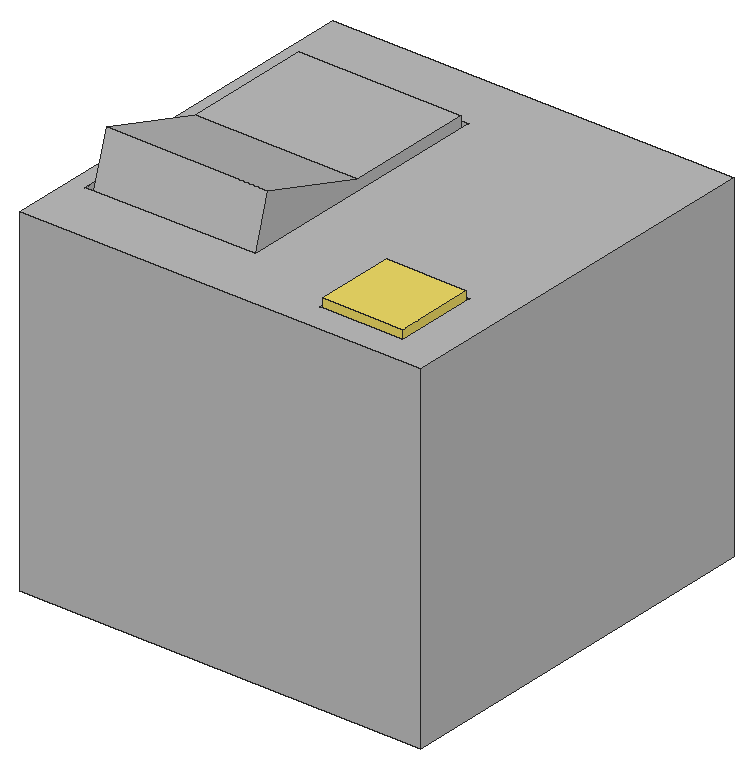
Revit family "Domotics-DomesticRanges-GEWISS-CHORUS_PROTECTION-ONE-WAY_SWITCH_RCBO", category Apparecchi elettrici, host Superficie, Revit 2016
Family settings
  Host = Superficie
  Mantenere orientamento annotazione = Sì
  Tipo di parte = Normale
  Quota connettore circolare = Usa diametro
  Taglio con vuoti quando caricato = Sì
  Condiviso = Sì
  Punto di calcolo locali = Sì
Parameters (values of type "GW14489 - RCBO 1P+N C16 30ma 230V ac 3kA Titanium")
  Voltage: = "230V ac"
  Voltage = "230V ac"
  Volt = 230 V
  Vista in pianta [instance] = yes
  Version file RFA = "19.0"
  URL = "https://www.gewiss.com/ww/en"
  Type: = "A"
  Type = "Miniature circuit breaker + residual current device"
  Tipo_ = CHORUS INT MAGNETOT.DIFFERENZIALE_GENERALE : TITANIO
  Technical sheet = "https://www.gewiss.com/ww/en/search?q=GW14489"
  Simbolo [instance] = yes
  SEO = "RCCB"
  Realized by GEWISS S.p.A. = ""
  Rated residual operating current = "30MA"
  Rated current (In) = "16"
  Rated current (A) = "16"
  Default Elevation = 1219.2 mm
  Produttore = "GEWISS S.p.A."
  Offset presa [instance] = 0 mm
  Offet bidimensionale [instance] = 39 mm
  No. Chorus modules: = "2"
  No. Chorus modules = "2"
  N. poli = 1
  Modello = "GW14489"
  Immagine tipo = GW14482.jpg
  Idn = "30MA"
  IFC.TypeObject = ""
  IFC.ExportType = ""
  IFC.ExportAs = ""
  IDT = "460529f6-09a6-4f16-8ae1-ce9d8c67e3d4"
  IDF = "e0e07ccc-7455-4c48-8f2f-378de52475b4"
  Electrocod = "0131"
  EAN code = "8011564267817"
  Distanza_x [instance] = 0 mm
  Distanza_effettiva_y [instance] = 100 mm
  Distanza_effettiva_x [instance] = 1000 mm - Distanza_x  # 1000 mm
  Distanza orizzontale del simbolo [instance] = 70.883 mm
  Distanza dal muro [instance] = 4.208 mm
  Descrizione = "RCBO 1P+N C16 30mA 230V ac 3KA T."
  Description: = "Two-pole (1P+N)"
  Description. = "One-way switch (1P+N)"
  Curve = "C"
  Colour = "Titanium"
  Catalogue Range = "CHORUS - DOMESTIC RANGE"
  Catalogue = "DOMOTICS"
  Carico apparente = 0 VA
  COBie.Tagnumber = ""
  COBie.CreatedOn = ""
  COBie.CreatebBy = ""
  COBie.ComponentRegisterItemID = ""
  COBie.Component.TagNumber = ""
  COBie.Component.Space = ""
  COBie.Component.SerialNumber = ""
  COBie.Component.InstallationDate = ""
  COBie.Component.Description = ""
  COBie.Component.BarCode = ""
  Breaking capacity = "3KA"
Types (18, lengths in mm): name | Tipo_ | Technical sheet | Rated residual operating current | Rated current (In) | Rated current (A) | Modello | Immagine tipo | Idn | IDT | EAN code | Descrizione | Colour
  GW10482 - RCBO 1P+N C6 10ma 230V ac 3kA White | CHORUS INT MAGNETOT.DIFFERENZIALE_GENERALE : BIANCO | "https://www.gewiss.com/ww/en/search?q=GW10482" | "10MA" | "6" | "6" | "GW10482" | GW10482.jpg | "10MA" | "84464eda-24fa-4fb3-abb8-77d17137eaeb" | "8011564262775" | "RCBO 1P+N C6 10mA 230V ac 3KA W." | "White"
  GW10483 - RCBO 1P+N C6 30ma 230V ac 3kA White | CHORUS INT MAGNETOT.DIFFERENZIALE_GENERALE : BIANCO | "https://www.gewiss.com/ww/en/search?q=GW10483" | "30MA" | "6" | "6" | "GW10483" | GW10482.jpg | "30MA" | "d0179cbd-43d3-42ff-a505-5972b8f04049" | "8011564262782" | "RCBO 1P+N C6 30mA 230V ac 3KA W." | "White"
  GW10485 - RCBO 1P+N C10 10ma 230V ac 3kA White | CHORUS INT MAGNETOT.DIFFERENZIALE_GENERALE : BIANCO | "https://www.gewiss.com/ww/en/search?q=GW10485" | "10MA" | "10" | "10" | "GW10485" | GW10482.jpg | "10MA" | "fdb5d75d-32b0-4f68-967d-59370abee372" | "8011564262799" | "RCBO 1P+N C10 10mA 230V ac 3KA W." | "White"
  GW10486 - RCBO 1P+N C10 30ma 230V ac 3kA White | CHORUS INT MAGNETOT.DIFFERENZIALE_GENERALE : BIANCO | "https://www.gewiss.com/ww/en/search?q=GW10486" | "30MA" | "10" | "10" | "GW10486" | GW10482.jpg | "30MA" | "85549b74-bffa-4306-8b79-8b7d27ee8b2d" | "8011564262805" | "RCBO 1P+N C10 30mA 230V ac 3KA W." | "White"
  GW10488 - RCBO 1P+N C16 10ma 230V ac 3kA White | CHORUS INT MAGNETOT.DIFFERENZIALE_GENERALE : BIANCO | "https://www.gewiss.com/ww/en/search?q=GW10488" | "10MA" | "16" | "16" | "GW10488" | GW10482.jpg | "10MA" | "bdd417a5-8e2a-42a7-90c8-7c8097e364c5" | "8011564262812" | "RCBO 1P+N C16 10mA 230V ac 3KA W." | "White"
  GW10489 - RCBO 1P+N C16 30ma 230V ac 3kA White | CHORUS INT MAGNETOT.DIFFERENZIALE_GENERALE : BIANCO | "https://www.gewiss.com/ww/en/search?q=GW10489" | "30MA" | "16" | "16" | "GW10489" | GW10482.jpg | "30MA" | "fe509e61-b58f-40a3-afdd-c2a27b94d86c" | "8011564262829" | "RCBO 1P+N C16 30mA 230V ac 3KA W." | "White"
  GW12482 - RCBO 1P+N C6 10ma 230V ac 3kA Black | CHORUS INT MAGNETOT.DIFFERENZIALE_GENERALE : NERO | "https://www.gewiss.com/ww/en/search?q=GW12482" | "10MA" | "6" | "6" | "GW12482" | GW12482.jpg | "10MA" | "94397f53-922a-48c8-9a4e-306734cf96e9" | "8011564265141" | "RCBO 1P+N C6 10mA 230V ac 3KA B." | "Black"
  GW12483 - RCBO 1P+N C6 30ma 230V ac 3kA Black | CHORUS INT MAGNETOT.DIFFERENZIALE_GENERALE : NERO | "https://www.gewiss.com/ww/en/search?q=GW12483" | "30MA" | "6" | "6" | "GW12483" | GW12482.jpg | "30MA" | "b1d0afa5-51b3-4b74-831b-a60501dd5277" | "8011564265158" | "RCBO 1P+N C6 30mA 230V ac 3KA B." | "Black"
  GW12485 - RCBO 1P+N C10 10ma 230V ac 3kA Black | CHORUS INT MAGNETOT.DIFFERENZIALE_GENERALE : NERO | "https://www.gewiss.com/ww/en/search?q=GW12485" | "10MA" | "10" | "10" | "GW12485" | GW12482.jpg | "10MA" | "7a220992-b703-4f07-88c8-195737dc7ad2" | "8011564265165" | "RCBO 1P+N C10 10mA 230V ac 3KA B." | "Black"
  GW12486 - RCBO 1P+N C10 30ma 230V ac 3kA Black | CHORUS INT MAGNETOT.DIFFERENZIALE_GENERALE : NERO | "https://www.gewiss.com/ww/en/search?q=GW12486" | "30MA" | "10" | "10" | "GW12486" | GW12482.jpg | "30MA" | "f1e2f099-a250-4bb3-9b9e-016571ca05f0" | "8011564267886" | "RCBO 1P+N C10 30mA 230V ac 3KA B." | "Black"
  GW12488 - RCBO 1P+N C16 10ma 230V ac 3kA Black | CHORUS INT MAGNETOT.DIFFERENZIALE_GENERALE : NERO | "https://www.gewiss.com/ww/en/search?q=GW12488" | "10MA" | "16" | "16" | "GW12488" | GW12482.jpg | "10MA" | "cffc3db1-7bf1-4f97-b102-17d995186630" | "8011564267893" | "RCBO 1P+N C16 10mA 230V ac 3KA B." | "Black"
  GW12489 - RCBO 1P+N C16 30ma 230V ac 3kA Black | CHORUS INT MAGNETOT.DIFFERENZIALE_GENERALE : NERO | "https://www.gewiss.com/ww/en/search?q=GW12489" | "30MA" | "16" | "16" | "GW12489" | GW12482.jpg | "30MA" | "553cecc2-0345-46bc-ace4-db343d1f71e3" | "8011564267916" | "RCBO 1P+N C16 30mA 230V ac 3KA B." | "Black"
  GW14482 - RCBO 1P+N C6 10ma 230V ac 3kA Titanium | CHORUS INT MAGNETOT.DIFFERENZIALE_GENERALE : TITANIO | "https://www.gewiss.com/ww/en/search?q=GW14482" | "10MA" | "6" | "6" | "GW14482" | GW14482.jpg | "10MA" | "e059563b-23cf-4c78-af89-d4781978838b" | "8011564267763" | "RCBO 1P+N C6 10mA 230V ac 3KA T." | "Titanium"
  GW14483 - RCBO 1P+N C6 30ma 230V ac 3kA Titanium | CHORUS INT MAGNETOT.DIFFERENZIALE_GENERALE : TITANIO | "https://www.gewiss.com/ww/en/search?q=GW14483" | "30MA" | "6" | "6" | "GW14483" | GW14482.jpg | "30MA" | "fa5a72fd-42c9-447f-a278-e7dfb514c4b9" | "8011564267770" | "RCBO 1P+N C6 30mA 230V ac 3KA T." | "Titanium"
  GW14485 - RCBO 1P+N C10 10ma 230V ac 3kA Titanium | CHORUS INT MAGNETOT.DIFFERENZIALE_GENERALE : TITANIO | "https://www.gewiss.com/ww/en/search?q=GW14485" | "10MA" | "10" | "10" | "GW14485" | GW14482.jpg | "10MA" | "4508ad69-265b-4def-a233-c9ad00f799f9" | "8011564267787" | "RCBO 1P+N C10 10mA 230V ac 3KA T." | "Titanium"
  GW14486 - RCBO 1P+N C10 30ma 230V ac 3kA Titanium | CHORUS INT MAGNETOT.DIFFERENZIALE_GENERALE : TITANIO | "https://www.gewiss.com/ww/en/search?q=GW14486" | "30MA" | "10" | "10" | "GW14486" | GW14482.jpg | "30MA" | "b93f1eae-fb91-424e-910c-f5dfb2c87eb6" | "8011564267794" | "RCBO 1P+N C10 30mA 230V ac 3KA T." | "Titanium"
  GW14488 - RCBO 1P+N C16 10ma 230V ac 3kA Titanium | CHORUS INT MAGNETOT.DIFFERENZIALE_GENERALE : TITANIO | "https://www.gewiss.com/ww/en/search?q=GW14488" | "10MA" | "16" | "16" | "GW14488" | GW14482.jpg | "10MA" | "7a2ad2de-3f8c-470c-9d6b-96acde670738" | "8011564267800" | "RCBO 1P+N C16 10mA 230V ac 3KA T." | "Titanium"
  GW14489 - RCBO 1P+N C16 30ma 230V ac 3kA Titanium | CHORUS INT MAGNETOT.DIFFERENZIALE_GENERALE : TITANIO | "https://www.gewiss.com/ww/en/search?q=GW14489" | "30MA" | "16" | "16" | "GW14489" | GW14482.jpg | "30MA" | "460529f6-09a6-4f16-8ae1-ce9d8c67e3d4" | "8011564267817" | "RCBO 1P+N C16 30mA 230V ac 3KA T." | "Titanium"
Reference planes
  plane 1 "Centro (Fronte/Retro)": y = 0
  plane 2: z = 0
  plane 3 "Centro (Sinistra/Destra)": x = 0
  plane 4: x = -1000
  plane 5: y = 100
  plane 6: x = 0
  plane 7: z = 0
  plane 8 "Piano bidimensionale": z = 39
  plane 9: z = 39
Lines and regions (mm)
  Masking region 1, visible <- "Vista in pianta"
    outline origin (0, 0, 0) x (1, 0, 0) y (0, 1, 0)
      loop
        line (23, -22.5) -> (23, 22.5) -> (-23, 22.5) -> (-23, -22.5) -> (23, -22.5)
      loop
        line (-1.704, 15.286) -> (-21.296, 15.286) -> (-21.296, -15.286) -> (-1.704, -15.286) -> (-1.704, 15.286)
      loop
        line (-20.796, -12.842) -> (-2.204, -12.842) -> (-2.204, 14.786) -> (-20.796, 14.786) -> (-20.796, -12.842)
      loop
        line (8.843, -9.688) -> (8.843, -19.232) -> (18.387, -19.232) -> (18.387, -9.688) -> (8.843, -9.688)
  Masking region 2, visible <- "Vista in pianta"
    outline origin (0, 0, 0) x (1, 0, 0) y (0, 0, 1)
      loop
        line (23, 0) -> (23, 39) -> (-2.204, 39) -> (-2.204, 44.298) -> (-20.796, 44.298) -> (-20.796, 39) -> (-23, 39) -> (-23, 0) -> (23, 0)
  Masking region 3, visible <- "Vista in pianta"
    outline origin (0, 0, 0) x (0, 1, 0) y (0, 0, 1)
      loop
        line (-22.5, 0) -> (22.5, 0) -> (22.5, 39) -> (14.786, 39) -> (14.786, 39.901) -> (0, 39.901) -> (-12.842, 44.298) -> (-14.504, 39) -> (-22.5, 39) -> (-22.5, 0)
  model lines, style "0", detail levels coarse
    curve 1: circle (-11.5, -18.839, 39) r 2.191 normal (0, 0, 1)
    curve 2: line (-11.5, 21.03, 39) -> (-11.5, 16.648, 39)
    curve 3: line (-11.5, -13.034, 39) -> (-6.366, -13.034, 39)
    curve 4: line (-6.366, -13.034, 39) -> (-4.504, -12.596, 39)
    curve 5: line (-4.504, -12.596, 39) -> (-3.409, -11.72, 39)
    curve 6: line (-3.409, -11.72, 39) -> (-2.861, -10.624, 39)
    curve 7: line (-2.861, -10.624, 39) -> (-2.204, 0, 39)
    curve 8: line (-2.204, 0, 39) -> (-2.204, -14.786, 39)
    curve 9: line (-2.204, -14.786, 39) -> (-11.5, -14.786, 39)
    curve 10: line (-11.5, -14.786, 39) -> (-20.796, -14.786, 39)
    curve 11: line (-20.796, -14.786, 39) -> (-20.796, 0, 39)
    curve 12: line (-20.796, 0, 39) -> (-2.204, 0, 39)
    curve 13: line (-2.204, 0, 39) -> (-2.204, 14.786, 39)
    curve 14: line (-2.204, 14.786, 39) -> (-11.5, 14.786, 39)
    curve 15: line (-11.5, 14.786, 39) -> (-20.796, 14.786, 39)
    curve 16: line (-20.796, 14.786, 39) -> (-20.796, 0, 39)
    curve 17: line (-20.796, 0, 39) -> (-20.139, -10.624, 39)
    curve 18: line (-20.139, -10.624, 39) -> (-19.591, -11.72, 39)
    curve 19: line (-19.591, -11.72, 39) -> (-18.496, -12.596, 39)
    curve 20: line (-18.496, -12.596, 39) -> (-16.634, -13.034, 39)
    curve 21: line (-16.634, -13.034, 39) -> (-11.5, -13.034, 39)
    curve 22: line (23, -22.5, 39) -> (-23, -22.5, 39)
    curve 23: line (-23, -22.5, 39) -> (-23, 22.5, 39)
    curve 24: line (-23, 22.5, 39) -> (23, 22.5, 39)
    curve 25: line (23, 22.5, 39) -> (23, -22.5, 39)
    curve 26: line (18.387, -19.232, 39) -> (8.843, -19.232, 39)
    curve 27: line (8.843, -19.232, 39) -> (8.843, -9.688, 39)
    curve 28: line (8.843, -9.688, 39) -> (18.387, -9.688, 39)
    curve 29: line (18.387, -9.688, 39) -> (18.387, -19.232, 39)
  model lines, style "0", not visible, detail levels coarse
    curve 30: circle (56.537, 27.912, 39) r 2.191 normal (0, 0, 1)
    curve 31: line (56.537, 67.781, 39) -> (56.537, 63.399, 39)
    curve 32: line (56.537, 33.717, 39) -> (61.671, 33.717, 39)
    curve 33: line (61.671, 33.717, 39) -> (63.533, 34.155, 39)
    curve 34: line (63.533, 34.155, 39) -> (64.628, 35.031, 39)
    curve 35: line (64.628, 35.031, 39) -> (65.176, 36.127, 39)
    curve 36: line (65.176, 36.127, 39) -> (65.833, 46.751, 39)
    curve 37: line (65.833, 46.751, 39) -> (65.833, 31.965, 39)
    curve 38: line (65.833, 31.965, 39) -> (56.537, 31.965, 39)
    curve 39: line (56.537, 31.965, 39) -> (47.242, 31.965, 39)
    curve 40: line (47.242, 31.965, 39) -> (47.242, 46.751, 39)
    curve 41: line (47.242, 46.751, 39) -> (65.833, 46.751, 39)
    curve 42: line (65.833, 46.751, 39) -> (65.833, 61.537, 39)
    curve 43: line (65.833, 61.537, 39) -> (56.537, 61.537, 39)
    curve 44: line (56.537, 61.537, 39) -> (47.242, 61.537, 39)
    curve 45: line (47.242, 61.537, 39) -> (47.242, 46.751, 39)
    curve 46: line (47.242, 46.751, 39) -> (47.899, 36.127, 39)
    curve 47: line (47.899, 36.127, 39) -> (48.447, 35.031, 39)
    curve 48: line (48.447, 35.031, 39) -> (49.542, 34.155, 39)
    curve 49: line (49.542, 34.155, 39) -> (51.404, 33.717, 39)
    curve 50: line (51.404, 33.717, 39) -> (56.537, 33.717, 39)
    curve 51: line (91.037, 24.251, 39) -> (45.037, 24.251, 39)
    curve 52: line (45.037, 24.251, 39) -> (45.037, 69.251, 39)
    curve 53: line (45.037, 69.251, 39) -> (91.037, 69.251, 39)
    curve 54: line (91.037, 69.251, 39) -> (91.037, 24.251, 39)
    curve 55: line (86.424, 27.519, 39) -> (76.881, 27.519, 39)
    curve 56: line (76.881, 27.519, 39) -> (76.881, 37.062, 39)
    curve 57: line (76.881, 37.062, 39) -> (86.424, 37.062, 39)
    curve 58: line (86.424, 37.062, 39) -> (86.424, 27.519, 39)
Dimensions and locks
  plane 4 to plane 3 "Centro (Sinistra/Destra)" = 1000 mm
  "Distanza_effettiva_x": plane 4 to plane 6
  "Distanza_effettiva_y": plane 5 to plane 1 "Centro (Fronte/Retro)"
  "Offset presa": host face to plane 7
  "Offet bidimensionale": host face to plane 8 "Piano bidimensionale"
  locked: plane 9 to plane 7 at 39
  aligned and locked: plane 2 to host face
  aligned and locked: level to host face
  aligned and locked: plane 6 to nested 1
  aligned and locked: nested 1 to plane 5
  aligned and locked: plane 3 "Centro (Sinistra/Destra)" to nested 2
  aligned and locked: plane 1 "Centro (Fronte/Retro)" to nested 2
  aligned and locked: plane 7 to nested 2
  aligned and locked: plane 9 to nested 2
  aligned and locked: Masking region 2 sketch curve to nested 2  (x3)
  aligned and locked: plane 7 to Masking region 2
  aligned and locked: nested 2 to plane 7  (x2)
  aligned and locked: Masking region 3 sketch curve to nested 2  (x3)
  aligned and locked: plane 7 to Masking region 3
Automatic sketch dimensions
  host sketch curve to host sketch curve = 2438.4 mm  (x2)
  Masking region 1 sketch curve to plane 3 "Centro (Sinistra/Destra)" = 23 mm
  Masking region 1 sketch curve to plane 1 "Centro (Fronte/Retro)" = 22.5 mm
  plane 3 "Centro (Sinistra/Destra)" to Masking region 1 sketch curve = 23 mm
  Masking region 1 sketch curve to Masking region 1 sketch curve = 1.704 mm
  Masking region 1 sketch curve to Masking region 1 sketch curve = 7.214 mm  (x2)
  Masking region 1 sketch curve to plane 3 "Centro (Sinistra/Destra)" = 1.704 mm
  Masking region 1 sketch curve to Masking region 1 sketch curve = 0.5 mm  (x2)
  Masking region 1 sketch curve to Masking region 1 sketch curve = 2.445 mm
  Masking region 1 sketch curve to plane 3 "Centro (Sinistra/Destra)" = 2.204 mm
  plane 3 "Centro (Sinistra/Destra)" to Masking region 1 sketch curve = 8.843 mm
  plane 1 "Centro (Fronte/Retro)" to Masking region 1 sketch curve = 9.688 mm
  Masking region 1 sketch curve to Masking region 1 sketch curve = 9.544 mm  (x2)
  Masking region 1 sketch curve to Masking region 1 sketch curve = 3.268 mm
  Masking region 2 sketch curve to plane 9 = 0 mm  (x2)
  Masking region 2 sketch curve to Masking region 2 sketch curve = 2.204 mm
  Masking region 2 sketch curve to plane 3 "Centro (Sinistra/Destra)" = 2.204 mm
  plane 9 to Masking region 2 sketch curve = 5.298 mm
  Masking region 3 sketch curve to plane 9 = 0 mm  (x2)
  Masking region 3 sketch curve to Masking region 3 sketch curve = 7.714 mm
  Masking region 3 sketch curve to plane 1 "Centro (Fronte/Retro)" = 0 mm
  plane 9 to Masking region 3 sketch curve = 0.901 mm
  plane 9 to Masking region 3 sketch curve = 5.298 mm
  Masking region 3 sketch curve to Masking region 3 sketch curve = 9.658 mm
  Masking region 3 sketch curve to Masking region 3 sketch curve = 1.662 mm
Nested families
  nested 1: "SIMBOLO INTERRUTTORI" at (0, 100, 0), Distanza dal muro <- "Distanza dal muro", SIMBOLO <- "Simbolo", visible <- "Simbolo", type "INTAUTMAGNDIFF"
    with SIMBOLO yes, Distanza dal muro 4.208 mm, BORDO ACCESO yes
  nested 2: "CHORUS INT MAGNETOT.DIFFERENZIALE_GENERALE" at (0, 0, 0), type <- "Tipo_", type "TITANIO", detail levels medium+fine
Connectors
  electrical at (0, 0, 0), driven by "N. poli", driven by "Volt", driven by "Carico apparente"
    settings: on nested 2, index 1, voltage 230 V, apparent load 0 VA, apparent load phase1 0 VA, apparent load phase2 0 VA, apparent load phase3 0 VA, power factor 1, load classification "Altro", number of poles 1, system type 31, power factor state 1, is connector primary yes, connector utility no, sub classification motor no, connector description ""
Definition of nested family "CHORUS INT MAGNETOT.DIFFERENZIALE_GENERALE"
  Parameters (values of type "TITANIO")
    Pulsante = none
    Finitura System Differeziale = none
    Altezza da Terra = 750 mm
  Types (3): name
    BIANCO
    NERO
    TITANIO
  Reference planes
    plane 1 "Centro (Fronte/Retro)": y = 0
    plane 2: z = 0
    plane 3 "Centro (Sinistra/Destra)": x = 0
    plane 4: y = -22.5
    plane 5: y = 22.5
    plane 6: x = -20.796
    plane 7: x = -2.204
    plane 8: y = 14.786
    plane 9: y = -14.786
    plane 10: y = 0
    plane 11: y = 15.286
    plane 12: y = -15.286
    plane 13: x = -21.296
    plane 14: x = -1.704
    plane 15: x = -23
    plane 16: x = 23
    plane 17: z = 38.099
    plane 18: y = -3.479
    plane 19 "a": z = 39
    plane 20: z = 29
  Forms (mm)
    Extrusion 1, solid, material <- "Finitura System Differeziale"
      sketch origin (0, -772.5, 39) x (1, 0, 0) y (0, 1, 0)
        loop
          line (-23, 795) -> (-23, 750) -> (23, 750) -> (23, 795) -> (-23, 795)
      from 0 to -39
    Extrusion 2, void
      sketch origin (0, -772.5, 39) x (1, 0, 0) y (0, 1, 0)
        loop
          line (-21.296, 787.786) -> (-21.296, 757.214) -> (-1.704, 757.214) -> (-1.704, 787.786) -> (-21.296, 787.786)
      from -0.901 to 0
    Extrusion 3, solid, material <- "Finitura System Differeziale"
      sketch origin (0, -772.5, 39) x (0, 0, -1) y (0, 1, 0)
        loop
          line (0.901, 787.286) -> (-0.901, 787.286) -> (-0.901, 772.5) -> (-5.298, 759.658) -> (0.901, 757.714) -> (0.901, 787.286)
      from -20.796 to -2.204
    Extrusion 4, void
      sketch origin (0, 0, 0) x (1, 0, 0) y (0, 1, 0)
        loop
          line (18.387, -19.232) -> (18.387, -9.688) -> (8.843, -9.688) -> (8.843, -19.232) -> (18.387, -19.232)
      from 29 to 39
    Extrusion 5, solid, material <- "Pulsante"
      sketch origin (0, 0, 0) x (1, 0, 0) y (0, 1, 0)
        loop
          line (9.043, -9.888) -> (9.043, -19.032) -> (18.187, -19.032) -> (18.187, -9.888) -> (9.043, -9.888)
      from 29 to 39.901
  Cuts and joins
    Extrusion 2, Extrusion 4 cuts Extrusion 1
  Lines and regions (mm)
    model lines
      curve 1: circle (-11.5, -18.839, 39) r 2.191 normal (0, 0, 1)
      curve 2: line (-11.5, 21.03, 39) -> (-11.5, 16.648, 39)
  Dimensions and locks
    locked: plane 6 to plane 13 at 0.5
    locked: plane 7 to plane 14 at 0.5
    locked: plane 5 to plane 4 at 45
    locked: plane 15 to plane 16 at 46
    level to plane 19 "a" = 39 mm
    plane 20 to plane 19 "a" = 10 mm
    aligned and locked: plane 6 to Extrusion 3
    aligned and locked: Extrusion 3 to plane 7
    aligned and locked: plane 15 to cut or joined group of Extrusion 1, Extrusion 2, Extrusion 4
    aligned and locked: Extrusion 1 to plane 16
    aligned and locked: Extrusion 4 to plane 20
Definition of nested family "SIMBOLO INTERRUTTORI"
  Parameters (values of type "INAUTMAGN")
    TIPO SIMBOLO = SIMBOLO INTERRUTTORI_BASE : INTAUTMAGN
    SIMBOLO [instance] = yes
    Distanza dal muro [instance] = 4.208 mm
    BORDO ACCESO [instance] = yes
  Types (10, lengths in mm): name | TIPO SIMBOLO
    INT1P | SIMBOLO INTERRUTTORI_BASE : INT1P
    INT1PLUM | SIMBOLO INTERRUTTORI_BASE : INT1PLUM
    INT2P | SIMBOLO INTERRUTTORI_BASE : INT2P
    INT2PLUM | SIMBOLO INTERRUTTORI_BASE : INT2PLUM
    INTCHIAVE | SIMBOLO INTERRUTTORI_BASE : INTCHIAVE
    RELE | SIMBOLO INTERRUTTORI_BASE : RELE
    RELE M | SIMBOLO INTERRUTTORI_BASE : RELE M
    RELE PP | SIMBOLO INTERRUTTORI_BASE : RELE PP
    INTAUTMAGNDIFF | SIMBOLO INTERRUTTORI_BASE : INTAUTMAGNDIFF
    INAUTMAGN | SIMBOLO INTERRUTTORI_BASE : INTAUTMAGN
  Reference planes
    plane 1: y = 0
    plane 2: x = 0
  Lines and regions (mm)
    detail lines, visible <- "BORDO ACCESO", not visible
      curve 1: line (-2.25, 0.412, 0) -> (2.25, 0.412, 0)
      curve 2: line (2.25, 0.412, 0) -> (2.25, -5.588, 0)
      curve 3: line (2.25, -5.588, 0) -> (-2.25, -5.588, 0)
      curve 4: line (-2.25, -5.588, 0) -> (-2.25, 0.412, 0)
      curve 30: line (-1.85, 0.012, 0) -> (1.85, 0.012, 0)
      curve 31: line (1.85, 0.012, 0) -> (1.85, -5.188, 0)
      curve 32: line (1.85, -5.188, 0) -> (-1.85, -5.188, 0)
      curve 33: line (-1.85, -5.188, 0) -> (-1.85, 0.012, 0)
      curve 34: line (-2.25, 6, 0) -> (2.25, 6, 0)
      curve 35: line (2.25, 6, 0) -> (2.25, 0, 0)
      curve 36: line (2.25, 0, 0) -> (-2.25, 0, 0)
      curve 37: line (-2.25, 0, 0) -> (-2.25, 6, 0)
      curve 61: line (-1.85, 5.6, 0) -> (1.85, 5.6, 0)
      curve 62: line (1.85, 5.6, 0) -> (1.85, 0.4, 0)
      curve 63: line (1.85, 0.4, 0) -> (-1.85, 0.4, 0)
      curve 64: line (-1.85, 0.4, 0) -> (-1.85, 5.6, 0)
    detail lines, not visible
      curve 5: line (-9.473, -5.588, 0) -> (10.527, -5.588, 0)
      curve 6: circle (-0.56, -0.487, 0) r 0.969 normal (0, 0, 1)
      curve 7: line (-0.005, 0.306, 0) -> (0.852, 1.529, 0)
      curve 8: line (0.852, 1.529, 0) -> (1.529, 1.047, 0)
      curve 9: circle (-0.56, -315.487, 0) r 0.969 normal (0, 0, 1)
      curve 10: line (-0.005, -314.694, 0) -> (0.852, -313.471, 0)
      curve 11: line (0.852, -313.471, 0) -> (1.529, -313.953, 0)
      curve 12: line (-1.245, -314.803, 0) -> (0.124, -316.172, 0)
      curve 13: line (0.124, -314.803, 0) -> (-1.245, -316.172, 0)
      curve 14: circle (-0.56, -480.487, 0) r 0.969 normal (0, 0, 1)
      curve 15: line (-0.005, -479.694, 0) -> (0.852, -478.471, 0)
      curve 16: line (0.852, -478.471, 0) -> (1.529, -478.953, 0)
      curve 17: line (0.493, -478.983, 0) -> (1.167, -479.462, 0)
      curve 18: circle (-0.56, -880.487, 0) r 0.969 normal (0, 0, 1)
      curve 19: line (-0.005, -879.694, 0) -> (0.852, -878.471, 0)
      curve 20: line (0.852, -878.471, 0) -> (1.529, -878.953, 0)
      curve 21: line (-1.245, -879.803, 0) -> (0.124, -881.172, 0)
      curve 22: line (0.124, -879.803, 0) -> (-1.245, -881.172, 0)
      curve 23: line (0.493, -878.983, 0) -> (1.167, -879.462, 0)
      curve 24: circle (-0.56, -365.487, 0) r 0.969 normal (0, 0, 1)
      curve 25: line (-0.005, -364.694, 0) -> (0.852, -363.471, 0)
      curve 26: line (0.852, -363.471, 0) -> (1.529, -363.953, 0)
      curve 27: line (-0.56, -364.925, 0) -> (-0.56, -366.05, 0)
      curve 28: line (0.493, -363.983, 0) -> (1.167, -364.462, 0)
      curve 29: line (0, 3.621, 0) -> (0, -16.379, 0)
      curve 38: circle (-0.56, 2.417, 0) r 0.969 normal (0, 0, 1)
      curve 39: line (-0.005, 3.21, 0) -> (0.852, 4.433, 0)
      curve 40: line (0.852, 4.433, 0) -> (1.529, 3.951, 0)
      curve 41: circle (-0.56, 2.417, 0) r 0.969 normal (0, 0, 1)
      curve 42: line (-0.005, 3.21, 0) -> (0.852, 4.433, 0)
      curve 43: line (0.852, 4.433, 0) -> (1.529, 3.951, 0)
      curve 44: line (-1.245, 3.102, 0) -> (0.124, 1.732, 0)
      curve 45: line (0.124, 3.102, 0) -> (-1.245, 1.732, 0)
      curve 46: circle (-0.56, 2.417, 0) r 0.969 normal (0, 0, 1)
      curve 47: line (-0.005, 3.21, 0) -> (0.852, 4.433, 0)
      curve 48: line (0.852, 4.433, 0) -> (1.529, 3.951, 0)
      curve 49: circle (-0.56, 2.417, 0) r 0.969 normal (0, 0, 1)
      curve 50: line (-0.005, 3.21, 0) -> (0.852, 4.433, 0)
      curve 51: line (0.852, 4.433, 0) -> (1.529, 3.951, 0)
      curve 52: line (-1.245, 3.102, 0) -> (0.124, 1.732, 0)
      curve 53: line (0.124, 3.102, 0) -> (-1.245, 1.732, 0)
      curve 54: line (0.493, 3.921, 0) -> (1.167, 3.442, 0)
      curve 55: line (0.493, 3.921, 0) -> (1.167, 3.442, 0)
      curve 56: circle (-0.56, 2.417, 0) r 0.969 normal (0, 0, 1)
      curve 57: line (-0.005, 3.21, 0) -> (0.852, 4.433, 0)
      curve 58: line (0.852, 4.433, 0) -> (1.529, 3.951, 0)
      curve 59: line (-0.56, 2.979, 0) -> (-0.56, 1.854, 0)
      curve 60: line (0.493, 3.921, 0) -> (1.167, 3.442, 0)
  Dimensions and locks
    aligned and locked: curve 5 to curve 3
    aligned and locked: plane 2 to nested 1
    aligned and locked: plane 1 to nested 1
  Nested families
    nested 1: "SIMBOLO INTERRUTTORI_BASE" at (0, 0, 0), type <- "TIPO SIMBOLO", BORDO ACCESO <- "BORDO ACCESO", visible <- "SIMBOLO", type "INTAUTMAGN"
      with BORDO ACCESO yes
  Definition of nested family "SIMBOLO INTERRUTTORI_BASE"
    Parameters (values of type "RELE PP")
      RELE PP = yes
      RELE M = no
      RELE = yes
      INTCHIAVE = no
      INTAUTMAGNDIFF = no
      INT2PLUM = no
      INT2P = no
      INT1PLUM = no
      INT1P = no
      INATUMAGN = no
      Distanza dal muro = 4.208 mm
      BORDO ACCESO [instance] = yes
    Types (10, lengths in mm): name | RELE PP | RELE M | RELE | INTCHIAVE | INTAUTMAGNDIFF | INT2PLUM | INT2P | INT1PLUM | INT1P | INATUMAGN
      INT1P | no | no | no | no | no | no | no | no | yes | no
      INT1PLUM | no | no | no | no | no | no | no | yes | no | no
      INT2P | no | no | no | no | no | no | yes | no | no | no
      INT2PLUM | no | no | no | no | no | yes | no | no | no | no
      INTCHIAVE | no | no | no | yes | no | no | no | no | no | no
      RELE | no | no | yes | no | no | no | no | no | no | no
      RELE M | no | yes | yes | no | no | no | no | no | no | no
      RELE PP | yes | no | yes | no | no | no | no | no | no | no
      INTAUTMAGNDIFF | no | no | no | no | yes | no | no | no | no | no
      INTAUTMAGN | no | no | no | no | no | no | no | no | no | yes
    Reference planes
      plane 1: y = 0
      plane 2: x = 0
    Lines and regions (mm)
      detail lines, visible <- "BORDO ACCESO", not visible
        curve 1: line (-2.25, 0.412, 0) -> (2.25, 0.412, 0)
        curve 2: line (2.25, 0.412, 0) -> (2.25, -5.588, 0)
        curve 3: line (2.25, -5.588, 0) -> (-2.25, -5.588, 0)
        curve 4: line (-2.25, -5.588, 0) -> (-2.25, 0.412, 0)
        curve 53: line (-1.85, 0.012, 0) -> (1.85, 0.012, 0)
        curve 54: line (1.85, 0.012, 0) -> (1.85, -5.188, 0)
        curve 55: line (1.85, -5.188, 0) -> (-1.85, -5.188, 0)
        curve 56: line (-1.85, -5.188, 0) -> (-1.85, 0.012, 0)
        curve 57: line (-2.25, 6, 0) -> (2.25, 6, 0)
        curve 58: line (2.25, 6, 0) -> (2.25, 0, 0)
        curve 59: line (2.25, 0, 0) -> (-2.25, 0, 0)
        curve 60: line (-2.25, 0, 0) -> (-2.25, 6, 0)
        curve 84: line (-1.85, 5.6, 0) -> (1.85, 5.6, 0)
        curve 85: line (1.85, 5.6, 0) -> (1.85, 0.4, 0)
        curve 86: line (1.85, 0.4, 0) -> (-1.85, 0.4, 0)
        curve 87: line (-1.85, 0.4, 0) -> (-1.85, 5.6, 0)
      detail lines, not visible
        curve 5: line (-9.473, -5.588, 0) -> (10.527, -5.588, 0)
        curve 52: line (0, 3.621, 0) -> (0, -16.379, 0)
      detail lines, visible <- "INT1P"
        curve 6: circle (-0.285, 0.931, 0) r 0.531 normal (0, 0, 1)
        curve 7: line (0.02, 1.365, 0) -> (0.489, 2.035, 0)
        curve 8: line (0.489, 2.035, 0) -> (0.86, 1.771, 0)
      detail lines, visible <- "INT1P", not visible
        curve 9: circle (-0.56, -0.487, 0) r 0.969 normal (0, 0, 1)
        curve 10: line (-0.005, 0.306, 0) -> (0.852, 1.529, 0)
        curve 11: line (0.852, 1.529, 0) -> (1.529, 1.047, 0)
        curve 61: circle (-0.56, 2.417, 0) r 0.969 normal (0, 0, 1)
        curve 62: line (-0.005, 3.21, 0) -> (0.852, 4.433, 0)
        curve 63: line (0.852, 4.433, 0) -> (1.529, 3.951, 0)
        curve 112: circle (-0.285, 2.181, 0) r 0.531 normal (0, 0, 1)
        curve 113: line (0.02, 2.615, 0) -> (0.489, 3.285, 0)
        curve 114: line (0.489, 3.285, 0) -> (0.86, 3.021, 0)
      detail lines, visible <- "INT1PLUM"
        curve 12: circle (-0.285, 0.931, 0) r 0.531 normal (0, 0, 1)
        curve 13: line (0.02, 1.365, 0) -> (0.489, 2.035, 0)
        curve 14: line (0.489, 2.035, 0) -> (0.86, 1.771, 0)
        curve 15: line (-0.66, 1.306, 0) -> (0.091, 0.555, 0)
        curve 16: line (0.091, 1.306, 0) -> (-0.66, 0.555, 0)
      detail lines, visible <- "INT1PLUM", not visible
        curve 17: circle (-0.56, -315.487, 0) r 0.969 normal (0, 0, 1)
        curve 18: line (-0.005, -314.694, 0) -> (0.852, -313.471, 0)
        curve 19: line (0.852, -313.471, 0) -> (1.529, -313.953, 0)
        curve 20: line (-1.245, -314.803, 0) -> (0.124, -316.172, 0)
        curve 21: line (0.124, -314.803, 0) -> (-1.245, -316.172, 0)
        curve 64: circle (-0.56, 2.417, 0) r 0.969 normal (0, 0, 1)
        curve 65: line (-0.005, 3.21, 0) -> (0.852, 4.433, 0)
        curve 66: line (0.852, 4.433, 0) -> (1.529, 3.951, 0)
        curve 67: line (-1.245, 3.102, 0) -> (0.124, 1.732, 0)
        curve 68: line (0.124, 3.102, 0) -> (-1.245, 1.732, 0)
        curve 115: circle (-0.285, 2.181, 0) r 0.531 normal (0, 0, 1)
        curve 116: line (0.02, 2.615, 0) -> (0.489, 3.285, 0)
        curve 117: line (0.489, 3.285, 0) -> (0.86, 3.021, 0)
        curve 118: line (-0.66, 2.556, 0) -> (0.091, 1.805, 0)
        curve 119: line (0.091, 2.556, 0) -> (-0.66, 1.805, 0)
      detail lines, visible <- "INT2P"
        curve 22: circle (-0.285, 0.931, 0) r 0.531 normal (0, 0, 1)
        curve 23: line (0.02, 1.365, 0) -> (0.489, 2.035, 0)
        curve 24: line (0.489, 2.035, 0) -> (0.86, 1.771, 0)
        curve 30: line (0.293, 1.755, 0) -> (0.662, 1.492, 0)
      detail lines, visible <- "INT2PLUM"
        curve 25: circle (-0.285, 0.931, 0) r 0.531 normal (0, 0, 1)
        curve 26: line (0.02, 1.365, 0) -> (0.489, 2.035, 0)
        curve 27: line (0.489, 2.035, 0) -> (0.86, 1.771, 0)
        curve 28: line (-0.66, 1.306, 0) -> (0.091, 0.555, 0)
        curve 29: line (0.091, 1.306, 0) -> (-0.66, 0.555, 0)
        curve 31: line (0.293, 1.755, 0) -> (0.662, 1.492, 0)
      detail lines, visible <- "INT2P", not visible
        curve 32: circle (-0.56, -480.487, 0) r 0.969 normal (0, 0, 1)
        curve 33: line (-0.005, -479.694, 0) -> (0.852, -478.471, 0)
        curve 34: line (0.852, -478.471, 0) -> (1.529, -478.953, 0)
        curve 35: line (0.493, -478.983, 0) -> (1.167, -479.462, 0)
        curve 69: circle (-0.56, 2.417, 0) r 0.969 normal (0, 0, 1)
        curve 70: line (-0.005, 3.21, 0) -> (0.852, 4.433, 0)
        curve 71: line (0.852, 4.433, 0) -> (1.529, 3.951, 0)
        curve 77: line (0.493, 3.921, 0) -> (1.167, 3.442, 0)
        curve 120: circle (-0.285, 2.181, 0) r 0.531 normal (0, 0, 1)
        curve 121: line (0.02, 2.615, 0) -> (0.489, 3.285, 0)
        curve 122: line (0.489, 3.285, 0) -> (0.86, 3.021, 0)
        curve 128: line (0.293, 3.005, 0) -> (0.662, 2.742, 0)
      detail lines, visible <- "INT2PLUM", not visible
        curve 36: circle (-0.56, -880.487, 0) r 0.969 normal (0, 0, 1)
        curve 37: line (-0.005, -879.694, 0) -> (0.852, -878.471, 0)
        curve 38: line (0.852, -878.471, 0) -> (1.529, -878.953, 0)
        curve 39: line (-1.245, -879.803, 0) -> (0.124, -881.172, 0)
        curve 40: line (0.124, -879.803, 0) -> (-1.245, -881.172, 0)
        curve 41: line (0.493, -878.983, 0) -> (1.167, -879.462, 0)
        curve 72: circle (-0.56, 2.417, 0) r 0.969 normal (0, 0, 1)
        curve 73: line (-0.005, 3.21, 0) -> (0.852, 4.433, 0)
        curve 74: line (0.852, 4.433, 0) -> (1.529, 3.951, 0)
        curve 75: line (-1.245, 3.102, 0) -> (0.124, 1.732, 0)
        curve 76: line (0.124, 3.102, 0) -> (-1.245, 1.732, 0)
        curve 78: line (0.493, 3.921, 0) -> (1.167, 3.442, 0)
        curve 123: circle (-0.285, 2.181, 0) r 0.531 normal (0, 0, 1)
        curve 124: line (0.02, 2.615, 0) -> (0.489, 3.285, 0)
        curve 125: line (0.489, 3.285, 0) -> (0.86, 3.021, 0)
        curve 126: line (-0.66, 2.556, 0) -> (0.091, 1.805, 0)
        curve 127: line (0.091, 2.556, 0) -> (-0.66, 1.805, 0)
        curve 129: line (0.293, 3.005, 0) -> (0.662, 2.742, 0)
      detail lines, visible <- "INTCHIAVE"
        curve 42: circle (-0.285, 0.931, 0) r 0.531 normal (0, 0, 1)
        curve 43: line (0.02, 1.365, 0) -> (0.489, 2.035, 0)
        curve 44: line (0.489, 2.035, 0) -> (0.86, 1.771, 0)
        curve 45: line (-0.285, 1.25, 0) -> (-0.285, 0.622, 0)
        curve 46: line (0.293, 1.755, 0) -> (0.662, 1.492, 0)
      detail lines, visible <- "INTCHIAVE", not visible
        curve 47: circle (-0.56, -365.487, 0) r 0.969 normal (0, 0, 1)
        curve 48: line (-0.005, -364.694, 0) -> (0.852, -363.471, 0)
        curve 49: line (0.852, -363.471, 0) -> (1.529, -363.953, 0)
        curve 50: line (-0.56, -364.925, 0) -> (-0.56, -366.05, 0)
        curve 51: line (0.493, -363.983, 0) -> (1.167, -364.462, 0)
        curve 79: circle (-0.56, 2.417, 0) r 0.969 normal (0, 0, 1)
        curve 80: line (-0.005, 3.21, 0) -> (0.852, 4.433, 0)
        curve 81: line (0.852, 4.433, 0) -> (1.529, 3.951, 0)
        curve 82: line (-0.56, 2.979, 0) -> (-0.56, 1.854, 0)
        curve 83: line (0.493, 3.921, 0) -> (1.167, 3.442, 0)
        curve 130: circle (-0.285, 2.181, 0) r 0.531 normal (0, 0, 1)
        curve 131: line (0.02, 2.615, 0) -> (0.489, 3.285, 0)
        curve 132: line (0.489, 3.285, 0) -> (0.86, 3.021, 0)
        curve 133: line (-0.285, 2.5, 0) -> (-0.285, 1.872, 0)
        curve 134: line (0.293, 3.005, 0) -> (0.662, 2.742, 0)
      detail lines, visible <- "RELE"
        curve 88: line (-0.795, 1.705, 0) -> (0.795, 1.705, 0)
        curve 89: line (-0.795, 0.796, 0) -> (-0.795, 1.705, 0)
        curve 90: line (0.795, 0.796, 0) -> (-0.795, 0.796, 0)
        curve 91: line (0.795, 1.705, 0) -> (0.795, 0.796, 0)
        curve 92: line (0, 1.705, 0) -> (0, 2.027, 0)
        curve 93: line (0, 0.796, 0) -> (0, 0.483, 0)
      detail lines, visible <- "RELE M"
        curve 94: line (0.29, 1.606, 0) -> (-0.29, 0.891, 0)
        curve 95: line (0.29, 1.606, 0) -> (0.501, 1.606, 0)
        curve 96: line (-0.29, 0.891, 0) -> (-0.511, 0.891, 0)
      detail lines, visible <- "RELE PP"
        curve 97: line (0, 1.606, 0) -> (0, 0.891, 0)
        curve 98: line (-0.245, 0.891, 0) -> (0, 0.891, 0)
        curve 99: line (0.189, 1.606, 0) -> (0, 1.606, 0)
      detail lines, visible <- "RELE", not visible
        curve 100: line (-1.85, -1.48, 0) -> (1.053, -1.48, 0)
        curve 101: line (-1.85, -3.139, 0) -> (-1.85, -1.48, 0)
        curve 102: line (1.053, -3.139, 0) -> (-1.85, -3.139, 0)
        curve 103: line (1.053, -1.48, 0) -> (1.053, -3.139, 0)
        curve 104: line (-0.399, -1.48, 0) -> (-0.399, -0.893, 0)
        curve 105: line (-0.399, -3.139, 0) -> (-0.399, -3.727, 0)
        curve 135: line (-0.795, 2.955, 0) -> (0.795, 2.955, 0)
        curve 136: line (-0.795, 2.046, 0) -> (-0.795, 2.955, 0)
        curve 137: line (0.795, 2.046, 0) -> (-0.795, 2.046, 0)
        curve 138: line (0.795, 2.955, 0) -> (0.795, 2.046, 0)
        curve 139: line (0, 2.955, 0) -> (0, 3.277, 0)
        curve 140: line (0, 2.046, 0) -> (0, 1.733, 0)
      detail lines, visible <- "RELE M", not visible
        curve 106: line (0.13, -1.659, 0) -> (-0.927, -2.964, 0)
        curve 107: line (0.13, -1.659, 0) -> (0.544, -1.659, 0)
        curve 108: line (-0.927, -2.964, 0) -> (-1.341, -2.964, 0)
        curve 141: line (0.29, 2.856, 0) -> (-0.29, 2.141, 0)
        curve 142: line (0.29, 2.856, 0) -> (0.501, 2.856, 0)
        curve 143: line (-0.29, 2.141, 0) -> (-0.511, 2.141, 0)
      detail lines, visible <- "RELE PP", not visible
        curve 109: line (-0.399, -1.659, 0) -> (-0.399, -2.964, 0)
        curve 110: line (-0.799, -2.964, 0) -> (-0.399, -2.964, 0)
        curve 111: line (0.001, -1.659, 0) -> (-0.399, -1.659, 0)
        curve 144: line (0, 2.856, 0) -> (0, 2.141, 0)
        curve 145: line (-0.245, 2.141, 0) -> (0, 2.141, 0)
        curve 146: line (0.189, 2.856, 0) -> (0, 2.856, 0)
    Dimensions and locks
      aligned and locked: curve 5 to curve 3
